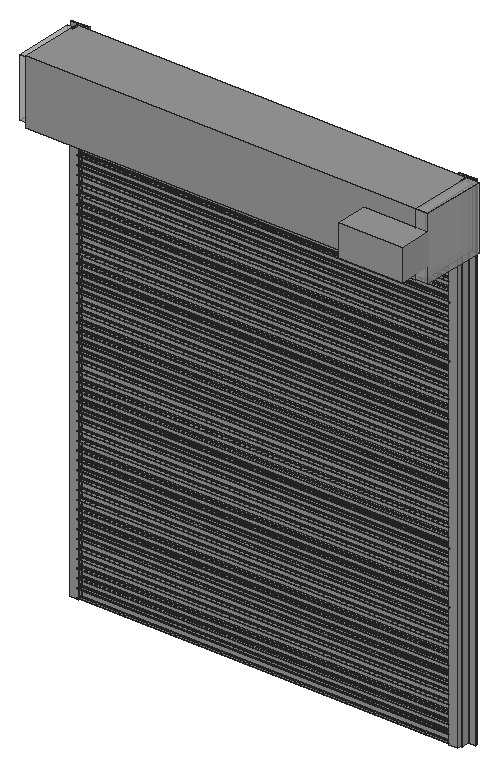
Revit family "Door-StormDefender-FaceOfWallMount_Cornell", category Doors, host Wall, Revit 2018 (continued)
Types in the file's own list only (28): name | Rating Offset | Product Page | Non-Fire-Rated (PSD361) | Operator Right Side Horizontal OR | Operator Left Side Horizontal OR | Opening Height | Operator Right Side Top OR | Operator Left Side Top OR | Guide Height | E | D | Rough Height | Guard Width | Function | Cost | CornellIron Products | CAD Resources | C | Mounting | Specifications | CornellIron Projects | URL | Operator on Right | Operator on Left | Model | LEED Information | Height | Wall Closure | B Coil Hood Depth | A Coil Hood Height | Distributor Locator | # Of Slats
  14' x 16' Opening - Fire-Rated | 5" | "https://www.cornelliron.com/product/stormdefender-door" | No | No | No | 13' - 0" | No | Yes | 14' - 0" | 5 7/8" | 3 1/2" | 13' - 0 1/2" | 14' - 3 1/4" | Interior | 0.00 $ | "https://www.cornelliron.com/products/" | "https://www.cornelliron.com/architect-tools-and-resources/generate-a-drawing?door=stormDefender.jsp" | 5 1/2" | "Face of Wall" | "https://www.cornelliron.com/architectural-resource-homepage/download-library" | "https://www.cornelliron.com/inspiration/project-gallery" | "https://www.cornelliron.com/" | No | Yes | "PRSD361" | "https://www.cornelliron.com/architectural-resource-homepage/leed-information" | 16' - 2" | By host | 2' - 2" | 2' - 2" | "https://www.cornelliron.com/find-a-dealer" | 42
  14' x 15' Opening - Fire-Rated | 5" | "https://www.cornellIron.com/product/stormdefender-door" | No | No | Yes | 15' - 0" | No | No | 15' - 9" | 7 3/8" | 3 1/2" | 15' - 0 1/2" | 14' - 3 1/4" | Interior | 0.00 $ | "https://www.cornellIron.com/products/" | "https://www.cornellIron.com/architect-tools-and-resources/generate-a-drawing?door=stormDefender.jsp" | 5 1/2" | "Face of Wall" | "https://www.cornellIron.com/architectural-resource-homepage/download-library" | "https://www.cornellIron.com/inspiration/project-gallery" | "https://www.cornellIron.com/" | No | Yes | "PRSD361" | "https://www.cornellIron.com/architectural-resource-homepage/leed-information" | 18' - 2" | By host | 2' - 5" | 2' - 5" | "https://www.cornellIron.com/find-a-dealer" | 47
  14' x 14' Opening - Fire-Rated | 5" | "https://www.cornellIron.com/product/stormdefender-door" | No | No | Yes | 14' - 0" | No | No | 14' - 10" | 7 3/8" | 3 1/2" | 14' - 0 1/2" | 14' - 3 1/4" | Interior | 0.00 $ | "https://www.cornellIron.com/products/" | "https://www.cornellIron.com/architect-tools-and-resources/generate-a-drawing?door=stormDefender.jsp" | 5 1/2" | "Face of Wall" | "https://www.cornellIron.com/architectural-resource-homepage/download-library" | "https://www.cornellIron.com/inspiration/project-gallery" | "https://www.cornellIron.com/" | No | Yes | "PRSD361" | "https://www.cornellIron.com/architectural-resource-homepage/leed-information" | 17' - 2" | By host | 2' - 4" | 2' - 4" | "https://www.cornellIron.com/find-a-dealer" | 45
  14' x 13' Opening - Fire-Rated | 5" | "https://www.cornelliron.com/product/stormdefender-door" | No | No | No | 13' - 0" | No | Yes | 14' - 0" | 5 7/8" | 3 1/2" | 13' - 0 1/2" | 14' - 3 1/4" | Interior | 0.00 $ | "https://www.cornelliron.com/products/" | "https://www.cornelliron.com/architect-tools-and-resources/generate-a-drawing?door=stormDefender.jsp" | 5 1/2" | "Face of Wall" | "https://www.cornelliron.com/architectural-resource-homepage/download-library" | "https://www.cornelliron.com/inspiration/project-gallery" | "https://www.cornelliron.com/" | No | Yes | "PRSD361" | "https://www.cornelliron.com/architectural-resource-homepage/leed-information" | 16' - 2" | By host | 2' - 2" | 2' - 2" | "https://www.cornelliron.com/find-a-dealer" | 42
  14' x 12' Opening - Fire-Rated | 5" | "https://www.cornelliron.com/product/stormdefender-door" | No | Yes | No | 12' - 0" | No | No | 13' - 0" | 7 3/8" | 3 1/2" | 12' - 0 1/2" | 14' - 3 1/4" | Interior | 0.00 $ | "https://www.cornelliron.com/products/" | "https://www.cornelliron.com/architect-tools-and-resources/generate-a-drawing?door=stormDefender.jsp" | 5 1/2" | "Face of Wall" | "https://www.cornelliron.com/architectural-resource-homepage/download-library" | "https://www.cornelliron.com/inspiration/project-gallery" | "https://www.cornelliron.com/" | Yes | No | "PRSD361" | "https://www.cornelliron.com/architectural-resource-homepage/leed-information" | 15' - 2" | By host | 2' - 2" | 2' - 2" | "https://www.cornelliron.com/find-a-dealer" | 39
  14' x 11' Opening - Fire-Rated | 5" | "https://www.cornelliron.com/product/stormdefender-door" | No | No | No | 11' - 0" | No | Yes | 12' - 1" | 7 3/8" | 3 1/2" | 11' - 0 1/2" | 14' - 3 1/4" | Interior | 0.00 $ | "https://www.cornelliron.com/products/" | "https://www.cornelliron.com/architect-tools-and-resources/generate-a-drawing?door=stormDefender.jsp" | 5 1/2" | "Face of Wall" | "https://www.cornelliron.com/architectural-resource-homepage/download-library" | "https://www.cornelliron.com/inspiration/project-gallery" | "https://www.cornelliron.com/" | No | Yes | "PRSD361" | "https://www.cornelliron.com/architectural-resource-homepage/leed-information" | 14' - 2" | By host | 2' - 1" | 2' - 1" | "https://www.cornelliron.com/find-a-dealer" | 36
  14' x 10' Opening - Fire-Rated | 5" | "https://www.cornelliron.com/product/stormdefender-door" | No | Yes | No | 10' - 0" | No | No | 11' - 2" | 7 3/8" | 3 1/2" | 10' - 0 1/2" | 14' - 3 1/4" | Interior | 0.00 $ | "https://www.cornelliron.com/products/" | "https://www.cornelliron.com/architect-tools-and-resources/generate-a-drawing?door=stormDefender.jsp" | 5 1/2" | "Face of Wall" | "https://www.cornelliron.com/architectural-resource-homepage/download-library" | "https://www.cornelliron.com/inspiration/project-gallery" | "https://www.cornelliron.com/" | Yes | No | "PRSD361" | "https://www.cornelliron.com/architectural-resource-homepage/leed-information" | 13' - 2" | By host | 2' - 0" | 2' - 0" | "https://www.cornelliron.com/find-a-dealer" | 34
  14' x 9' Opening - Fire-Rated | 5" | "https://www.cornelliron.com/product/stormdefender-door" | No | Yes | No | 9' - 0" | No | No | 10' - 2" | 7 3/8" | 3 1/2" | 9' - 0 1/2" | 14' - 3 1/4" | Interior | 0.00 $ | "https://www.cornelliron.com/products/" | "https://www.cornelliron.com/architect-tools-and-resources/generate-a-drawing?door=stormDefender.jsp" | 5 1/2" | "Face of Wall" | "https://www.cornelliron.com/architectural-resource-homepage/download-library" | "https://www.cornelliron.com/inspiration/project-gallery" | "https://www.cornelliron.com/" | Yes | No | "PRSD361" | "https://www.cornelliron.com/architectural-resource-homepage/leed-information" | 12' - 2" | By host | 2' - 0" | 2' - 0" | "https://www.cornelliron.com/find-a-dealer" | 31
  14' x 8' Opening - Fire-Rated | 5" | "https://www.cornelliron.com/product/stormdefender-door" | No | No | Yes | 8' - 0" | No | No | 9' - 3" | 7 3/8" | 3 1/2" | 8' - 0 1/2" | 14' - 3 1/4" | Interior | 0.00 $ | "https://www.cornelliron.com/products/" | "https://www.cornelliron.com/architect-tools-and-resources/generate-a-drawing?door=stormDefender.jsp" | 5 1/2" | "Face of Wall" | "https://www.cornelliron.com/architectural-resource-homepage/download-library" | "https://www.cornelliron.com/inspiration/project-gallery" | "https://www.cornelliron.com/" | No | Yes | "PRSD361" | "https://www.cornelliron.com/architectural-resource-homepage/leed-information" | 11' - 2" | By host | 1' - 11" | 1' - 11" | "https://www.cornelliron.com/find-a-dealer" | 28
  14' x 7' Opening - Fire-Rated | 5" | "https://www.cornelliron.com/product/stormdefender-door" | No | No | No | 7' - 0" | Yes | No | 8' - 4" | 7 3/8" | 3 1/2" | 7' - 0 1/2" | 14' - 3 1/4" | Interior | 0.00 $ | "https://www.cornelliron.com/products/" | "https://www.cornelliron.com/architect-tools-and-resources/generate-a-drawing?door=stormDefender.jsp" | 5 1/2" | "Face of Wall" | "https://www.cornelliron.com/architectural-resource-homepage/download-library" | "https://www.cornelliron.com/inspiration/project-gallery" | "https://www.cornelliron.com/" | Yes | No | "PRSD361" | "https://www.cornelliron.com/architectural-resource-homepage/leed-information" | 10' - 2" | By host | 1' - 10" | 1' - 10" | "https://www.cornelliron.com/find-a-dealer" | 25
  14' x 6' Opening - Fire-Rated | 5" | "https://www.cornelliron.com/product/stormdefender-door" | No | No | No | 6' - 0" | Yes | No | 7' - 4" | 7 3/8" | 3 1/2" | 6' - 0 1/2" | 14' - 3 1/4" | Interior | 0.00 $ | "https://www.cornelliron.com/products/" | "https://www.cornelliron.com/architect-tools-and-resources/generate-a-drawing?door=stormDefender.jsp" | 5 1/2" | "Face of Wall" | "https://www.cornelliron.com/architectural-resource-homepage/download-library" | "https://www.cornelliron.com/inspiration/project-gallery" | "https://www.cornelliron.com/" | Yes | No | "PRSD361" | "https://www.cornelliron.com/architectural-resource-homepage/leed-information" | 9' - 2" | By host | 1' - 10" | 1' - 10" | "https://www.cornelliron.com/find-a-dealer" | 22
  14' x 5' Opening - Fire-Rated | 5" | "https://www.cornelliron.com/product/stormdefender-door" | No | No | No | 5' - 0" | No | Yes | 6' - 5" | 7 3/8" | 3 1/2" | 5' - 0 1/2" | 14' - 3 1/4" | Interior | 0.00 $ | "https://www.cornelliron.com/products/" | "https://www.cornelliron.com/architect-tools-and-resources/generate-a-drawing?door=stormDefender.jsp" | 5 1/2" | "Face of Wall" | "https://www.cornelliron.com/architectural-resource-homepage/download-library" | "https://www.cornelliron.com/inspiration/project-gallery" | "https://www.cornelliron.com/" | No | Yes | "PRSD361" | "https://www.cornelliron.com/architectural-resource-homepage/leed-information" | 8' - 2" | By host | 1' - 9" | 1' - 9" | "https://www.cornelliron.com/find-a-dealer" | 19
  14' x 4' Opening - Fire-Rated | 5" | "https://www.cornelliron.com/product/stormdefender-door" | No | No | No | 4' - 0" | Yes | No | 5' - 6" | 7 3/8" | 3 1/2" | 4' - 0 1/2" | 14' - 3 1/4" | Interior | 0.00 $ | "https://www.cornelliron.com/products/" | "https://www.cornelliron.com/architect-tools-and-resources/generate-a-drawing?door=stormDefender.jsp" | 5 1/2" | "Face of Wall" | "https://www.cornelliron.com/architectural-resource-homepage/download-library" | "https://www.cornelliron.com/inspiration/project-gallery" | "https://www.cornelliron.com/" | Yes | No | "PRSD361" | "https://www.cornelliron.com/architectural-resource-homepage/leed-information" | 7' - 2" | By host | 1' - 8" | 1' - 8" | "https://www.cornelliron.com/find-a-dealer" | 17
  14' x 3' Opening - Fire-Rated | 5" | "https://www.cornelliron.com/product/stormdefender-door" | No | No | No | 3' - 0" | No | Yes | 4' - 7" | 7 3/8" | 3 1/2" | 3' - 0 1/2" | 14' - 3 1/4" | Interior | 0.00 $ | "https://www.cornelliron.com/products/" | "https://www.cornelliron.com/architect-tools-and-resources/generate-a-drawing?door=stormDefender.jsp" | 5 1/2" | "Face of Wall" | "https://www.cornelliron.com/architectural-resource-homepage/download-library" | "https://www.cornelliron.com/inspiration/project-gallery" | "https://www.cornelliron.com/" | No | Yes | "PRSD361" | "https://www.cornelliron.com/architectural-resource-homepage/leed-information" | 6' - 2" | By host | 1' - 7" | 1' - 7" | "https://www.cornelliron.com/find-a-dealer" | 14
  14' x 15' Opening - Non-Rated | 4 1/2" | "https://www.cornellIron.com/product/stormdefender-door" | Yes | No | Yes | 15' - 0" | No | No | 15' - 9" | 7 3/8" | 3 1/2" | 15' - 0 1/2" | 14' - 2 1/4" | Interior | 0.00 $ | "https://www.cornellIron.com/products/" | "https://www.cornellIron.com/architect-tools-and-resources/generate-a-drawing?door=stormDefender.jsp" | 5 1/2" | "Face of Wall" | "https://www.cornellIron.com/architectural-resource-homepage/download-library" | "https://www.cornellIron.com/inspiration/project-gallery" | "https://www.cornellIron.com/" | No | Yes | "PSD361" | "https://www.cornellIron.com/architectural-resource-homepage/leed-information" | 18' - 2" | By host | 2' - 5" | 2' - 5" | "https://www.cornellIron.com/find-a-dealer" | 47
  14' x 10' Opening - Non-Rated | 4 1/2" | "https://www.cornelliron.com/product/stormdefender-door" | Yes | Yes | No | 10' - 0" | No | No | 11' - 2" | 7 3/8" | 3 1/2" | 10' - 0 1/2" | 14' - 2 1/4" | Interior | 0.00 $ | "https://www.cornelliron.com/products/" | "https://www.cornelliron.com/architect-tools-and-resources/generate-a-drawing?door=stormDefender.jsp" | 5 1/2" | "Face of Wall" | "https://www.cornelliron.com/architectural-resource-homepage/download-library" | "https://www.cornelliron.com/inspiration/project-gallery" | "https://www.cornelliron.com/" | Yes | No | "PSD361" | "https://www.cornelliron.com/architectural-resource-homepage/leed-information" | 13' - 2" | By host | 2' - 0" | 2' - 0" | "https://www.cornelliron.com/find-a-dealer" | 34
  14' x 7' Opening - Non-Rated | 4 1/2" | "https://www.cornelliron.com/product/stormdefender-door" | Yes | No | No | 7' - 0" | Yes | No | 8' - 4" | 7 3/8" | 3 1/2" | 7' - 0 1/2" | 14' - 2 1/4" | Interior | 0.00 $ | "https://www.cornelliron.com/products/" | "https://www.cornelliron.com/architect-tools-and-resources/generate-a-drawing?door=stormDefender.jsp" | 5 1/2" | "Face of Wall" | "https://www.cornelliron.com/architectural-resource-homepage/download-library" | "https://www.cornelliron.com/inspiration/project-gallery" | "https://www.cornelliron.com/" | Yes | No | "PSD361" | "https://www.cornelliron.com/architectural-resource-homepage/leed-information" | 10' - 2" | By host | 1' - 10" | 1' - 10" | "https://www.cornelliron.com/find-a-dealer" | 25
  14' x 13' Opening - Non-Rated | 4 1/2" | "https://www.cornellIron.com/product/stormdefender-door" | Yes | No | No | 13' - 0" | Yes | No | 14' - 0" | 7 3/8" | 3 1/2" | 13' - 0 1/2" | 14' - 2 1/4" | Interior | 0.00 $ | "https://www.cornellIron.com/products/" | "https://www.cornellIron.com/architect-tools-and-resources/generate-a-drawing?door=stormDefender.jsp" | 5 1/2" | "Face of Wall" | "https://www.cornellIron.com/architectural-resource-homepage/download-library" | "https://www.cornellIron.com/inspiration/project-gallery" | "https://www.cornellIron.com/" | Yes | No | "PSD361" | "https://www.cornellIron.com/architectural-resource-homepage/leed-information" | 16' - 2" | By host | 2' - 2" | 2' - 2" | "https://www.cornellIron.com/find-a-dealer" | 42
  14' x 3' Opening - Non-Rated | 4 1/2" | "https://www.cornelliron.com/product/stormdefender-door" | Yes | No | Yes | 3' - 0" | No | No | 4' - 7" | 2 3/8" | 3 1/2" | 3' - 0 1/2" | 14' - 2 1/4" | Interior | 0.00 $ | "https://www.cornelliron.com/products/" | "https://www.cornelliron.com/architect-tools-and-resources/generate-a-drawing?door=stormDefender.jsp" | 5 1/2" | "Face of Wall" | "https://www.cornelliron.com/architectural-resource-homepage/download-library" | "https://www.cornelliron.com/inspiration/project-gallery" | "https://www.cornelliron.com/" | No | Yes | "PSD361" | "https://www.cornelliron.com/architectural-resource-homepage/leed-information" | 6' - 2" | By host | 1' - 7" | 1' - 7" | "https://www.cornelliron.com/find-a-dealer" | 14
  14' x 4' Opening - Non-Rated | 4 1/2" | "https://www.cornelliron.com/product/stormdefender-door" | Yes | Yes | No | 4' - 0" | No | No | 5' - 6" | 7 3/8" | 3 1/2" | 4' - 0 1/2" | 14' - 2 1/4" | Interior | 0.00 $ | "https://www.cornelliron.com/products/" | "https://www.cornelliron.com/architect-tools-and-resources/generate-a-drawing?door=stormDefender.jsp" | 5 1/2" | "Face of Wall" | "https://www.cornelliron.com/architectural-resource-homepage/download-library" | "https://www.cornelliron.com/inspiration/project-gallery" | "https://www.cornelliron.com/" | Yes | No | "PSD361" | "https://www.cornelliron.com/architectural-resource-homepage/leed-information" | 7' - 2" | By host | 1' - 8" | 1' - 8" | "https://www.cornelliron.com/find-a-dealer" | 17
  14' x 5' Opening - Non-Rated | 4 1/2" | "https://www.cornelliron.com/product/stormdefender-door" | Yes | No | No | 5' - 0" | No | Yes | 6' - 5" | 7 3/8" | 3 1/2" | 5' - 0 1/2" | 14' - 2 1/4" | Interior | 0.00 $ | "https://www.cornelliron.com/products/" | "https://www.cornelliron.com/architect-tools-and-resources/generate-a-drawing?door=stormDefender.jsp" | 5 1/2" | "Face of Wall" | "https://www.cornelliron.com/architectural-resource-homepage/download-library" | "https://www.cornelliron.com/inspiration/project-gallery" | "https://www.cornelliron.com/" | No | Yes | "PSD361" | "https://www.cornelliron.com/architectural-resource-homepage/leed-information" | 8' - 2" | By host | 1' - 9" | 1' - 9" | "https://www.cornelliron.com/find-a-dealer" | 19
  14' x 6' Opening - Non-Rated | 4 1/2" | "https://www.cornelliron.com/product/stormdefender-door" | Yes | No | No | 6' - 0" | Yes | No | 7' - 4" | 7 3/8" | 3 1/2" | 6' - 0 1/2" | 14' - 2 1/4" | Interior | 0.00 $ | "https://www.cornelliron.com/products/" | "https://www.cornelliron.com/architect-tools-and-resources/generate-a-drawing?door=stormDefender.jsp" | 5 1/2" | "Face of Wall" | "https://www.cornelliron.com/architectural-resource-homepage/download-library" | "https://www.cornelliron.com/inspiration/project-gallery" | "https://www.cornelliron.com/" | Yes | No | "PSD361" | "https://www.cornelliron.com/architectural-resource-homepage/leed-information" | 9' - 2" | By host | 1' - 10" | 1' - 10" | "https://www.cornelliron.com/find-a-dealer" | 22
  14' x 8' Opening - Non-Rated | 4 1/2" | "https://www.cornelliron.com/product/stormdefender-door" | Yes | No | Yes | 8' - 0" | No | No | 9' - 3" | 7 3/8" | 3 1/2" | 8' - 0 1/2" | 14' - 2 1/4" | Interior | 0.00 $ | "https://www.cornelliron.com/products/" | "https://www.cornelliron.com/architect-tools-and-resources/generate-a-drawing?door=stormDefender.jsp" | 5 1/2" | "Face of Wall" | "https://www.cornelliron.com/architectural-resource-homepage/download-library" | "https://www.cornelliron.com/inspiration/project-gallery" | "https://www.cornelliron.com/" | No | Yes | "PSD361" | "https://www.cornelliron.com/architectural-resource-homepage/leed-information" | 11' - 2" | By host | 1' - 11" | 1' - 11" | "https://www.cornelliron.com/find-a-dealer" | 28
  14' x 9' Opening - Non-Rated | 4 1/2" | "https://www.cornelliron.com/product/stormdefender-door" | Yes | Yes | No | 9' - 0" | No | No | 10' - 2" | 7 3/8" | 3 1/2" | 9' - 0 1/2" | 14' - 2 1/4" | Interior | 0.00 $ | "https://www.cornelliron.com/products/" | "https://www.cornelliron.com/architect-tools-and-resources/generate-a-drawing?door=stormDefender.jsp" | 5 1/2" | "Face of Wall" | "https://www.cornelliron.com/architectural-resource-homepage/download-library" | "https://www.cornelliron.com/inspiration/project-gallery" | "https://www.cornelliron.com/" | Yes | No | "PSD361" | "https://www.cornelliron.com/architectural-resource-homepage/leed-information" | 12' - 2" | By host | 2' - 0" | 2' - 0" | "https://www.cornelliron.com/find-a-dealer" | 31
  14' x 11' Opening - Non-Rated | 4 1/2" | "https://www.cornelliron.com/product/stormdefender-door" | Yes | No | No | 11' - 0" | No | Yes | 12' - 1" | 7 3/8" | 3 1/2" | 11' - 0 1/2" | 14' - 2 1/4" | Interior | 0.00 $ | "https://www.cornelliron.com/products/" | "https://www.cornelliron.com/architect-tools-and-resources/generate-a-drawing?door=stormDefender.jsp" | 5 1/2" | "Face of Wall" | "https://www.cornelliron.com/architectural-resource-homepage/download-library" | "https://www.cornelliron.com/inspiration/project-gallery" | "https://www.cornelliron.com/" | No | Yes | "PSD361" | "https://www.cornelliron.com/architectural-resource-homepage/leed-information" | 14' - 2" | By host | 2' - 1" | 2' - 1" | "https://www.cornelliron.com/find-a-dealer" | 36
  14' x 12' Opening - Non-Rated | 4 1/2" | "https://www.cornelliron.com/product/stormdefender-door" | Yes | No | No | 12' - 0" | Yes | No | 13' - 0" | 7 3/8" | 3 1/2" | 12' - 0 1/2" | 14' - 2 1/4" | Interior | 0.00 $ | "https://www.cornelliron.com/products/" | "https://www.cornelliron.com/architect-tools-and-resources/generate-a-drawing?door=stormDefender.jsp" | 5 1/2" | "Face of Wall" | "https://www.cornelliron.com/architectural-resource-homepage/download-library" | "https://www.cornelliron.com/inspiration/project-gallery" | "https://www.cornelliron.com/" | Yes | No | "PSD361" | "https://www.cornelliron.com/architectural-resource-homepage/leed-information" | 15' - 2" | By host | 2' - 2" | 2' - 2" | "https://www.cornelliron.com/find-a-dealer" | 39
  14' x 14' Opening - Non-Rated | 4 1/2" | "https://www.cornellIron.com/product/stormdefender-door" | Yes | No | Yes | 14' - 0" | No | No | 14' - 10" | 7 3/8" | 3 1/2" | 14' - 0 1/2" | 14' - 2 1/4" | Interior | 0.00 $ | "https://www.cornellIron.com/products/" | "https://www.cornellIron.com/architect-tools-and-resources/generate-a-drawing?door=stormDefender.jsp" | 5 1/2" | "Face of Wall" | "https://www.cornellIron.com/architectural-resource-homepage/download-library" | "https://www.cornellIron.com/inspiration/project-gallery" | "https://www.cornellIron.com/" | No | Yes | "PSD361" | "https://www.cornellIron.com/architectural-resource-homepage/leed-information" | 17' - 2" | By host | 2' - 4" | 2' - 4" | "https://www.cornellIron.com/find-a-dealer" | 45
  14' x 16' Opening - Non-Rated | 4 1/2" | "https://www.cornellIron.com/product/stormdefender-door" | Yes | Yes | No | 16' - 0" | No | No | 16' - 9" | 7 3/8" | 3 1/2" | 16' - 0 1/2" | 14' - 2 1/4" | Interior | 0.00 $ | "https://www.cornellIron.com/products" | "https://www.cornellIron.com/architect-tools-and-resources/generate-a-drawing?door=stormDefender.jsp" | 5 1/2" | "Face of Wall" | "https://www.cornellIron.com/architectural-resource-homepage/download-library" | "https://www.cornellIron.com/inspiration/project-gallery" | "https://www.cornellIron.com/" | Yes | No | "PSD361" | "https://www.cornelliron.com/architectural-resource-homepage/leed-information" | 19' - 2" | By host | 2' - 5" | 2' - 5" | "https://www.cornellIron.com/find-a-dealer" | 50
